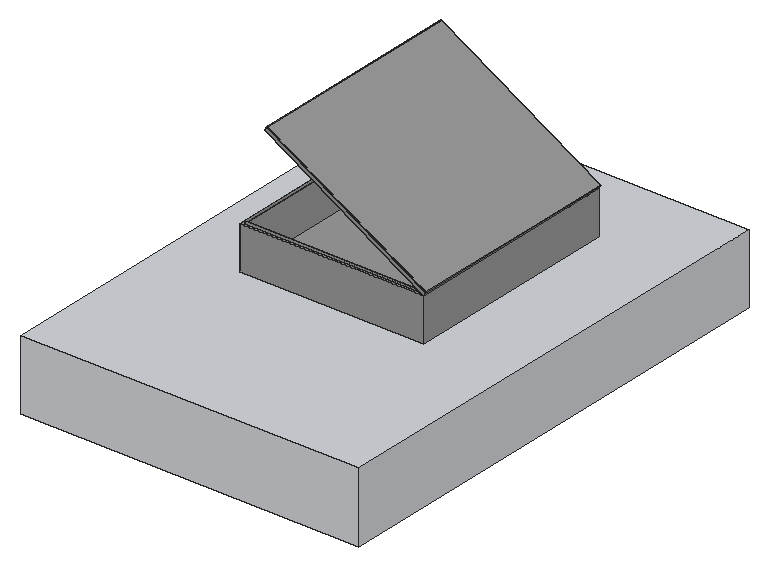
Revit family "Hager-Univers-IP44-D205-H950-Cl.I-Encl-CH-it", category Equipement électrique, Revit 2020
Family settings
  Hôte = Face
  Configuration du panneau = Deux colonnes, circuits au sein
  Cote de connecteur circulaire = Utiliser le diamètre
  Type d'élément = Tableau de raccordement
  Couper avec des vides une fois chargée = Non
  Partagée = Non
  Point de calcul de pièce = Non
Parameters (values of type "A parete IP44 L800 A950 P205  - FP63TN2")
  Width Control [instance] = if([EF000008 - Larghezza] > Min Width, [EF000008 - Larghezza], Min Width)  # 800 mm
  Commentaires du type = [HG000003 - Gamma]  # "Univers"
  Thickness Door [instance] = if([EF009171 - spessore materiale porta/coperchio] > 3 mm, 3 mm, [EF009171 - spessore materiale porta/coperchio])  # 1 mm
  Seal Frame Offset [instance] = 17 mm  # constant formula
  Plinth Visibility [instance] = [HG000027 - Altezza dello zoccolo] > 0 mm  # no
  Model = ""
  Min Width [instance] = 100 mm  # constant formula
  Min Height [instance] = 100 mm  # constant formula
  Min Depth [instance] = (2 * [EF009170 - spessore materiale scatola]) + 1 mm  # 3 mm
  Internal Frame Depth [instance] = (Door System Depth * 0.5)  # 9 mm
  Height Control [instance] = if([EF000040 - Altezza] > Min Height, [EF000040 - Altezza], Min Height)  # 950 mm
  HG000027 - Altezza dello zoccolo = 0 mm
  HG000026 - A pavimento = no
  HG000024 - Altezza della sezione inferiore = 800 mm
  HG000023 - Custodia a doppia sezione = no
  HG000016 - Visibilità delle porte nella vista 3D [instance] = yes
  HG000015 - Visibilità attraverso la porta [instance] = no
  HG000014 - Porta destra [instance] = yes
  HG000013 - Porta sinistra [instance] = not([HG000014 - Porta destra])  # no
  HG000012 - Angolo di apertura della porta [instance] = 30.00°
  HG000010 - Porte asimmetriche = no
  HG000009 - Porta doppia a battente = no
  HG000006 - Ad incasso = no
  HG000004 - Codice produttore = "FP63TN2"
  HG000003 - Gamma = "Univers"
  HG000002 - Con porta = yes
  Frame Offset Bottom [instance] = 10 mm  # constant formula
  Frame Offset [instance] = 15 mm  # constant formula
  EF015940 - Coprire con rilascio di sovrapressione = no
  EF011959 - tipo di protezione (NEMA) = ""
  EF009554 - numero delle aperture per la piastra della flangia = 6
  Fabricant = "Hager"  # constant formula
  EF009212 - esecuzione coperchio = "EV000116 - chiuso"
  EF009171 - spessore materiale porta/coperchio = 1 mm
  EF009170 - spessore materiale scatola = 1 mm
  EF008873 - corrente nominale (In) = 250 A
  EF007800 - adatto per parafulmine = no
  EF006306 - con serratura = no
  EF006244 - coperchio/porta trasparente = no
  EF005474 - grado di protezione (IP) = "EV006418 - IP44"
  EF004464 - tipo di porta = "EV002646 - singolo"
  EF004427 - numero di moduli = 216
  EF004293 - resistenza agli urti = "EV006815 - IK09"
  EF003532 - adatto per uso esterno = no
  EF002950 - Numero moduli DIN = 36
  EF001613 - Integrità del circuito = "EV000494 - senza"
  EF001596 - Attacco Lampada = "EV000179 - acciaio"
  EF001131 - profondità interna = 130 mm
  EF001088 - possibilità di applicazione = yes
  EF000437 - numero di ingressi per conduttori = 6
  EF000339 - tipo di copertura = "EV001012 - coperchio"
  EF000266 - numero di file = 6
  EF000218 - profondità di incasso = 205 mm
  EF000118 - con piastra di montaggio = no
  EF000116 - numero RAL = "9010"
  EF000049 - profondità = 205 mm
  EF000040 - Altezza = 950 mm
  EF000008 - Larghezza = 800 mm
  EF000007 - colore = "EV000202 - bianco"
  EF000003 - Tipo di montaggio = "EV000384 - A parete"
  Door System Leaf Tolerance [instance] = 1.5 mm  # constant formula
  Door System Depth [instance] = 18 mm  # constant formula
  Door Height [instance] = Height Control - [HG000027 - Altezza dello zoccolo]  # 950 mm
  Depth Control [instance] = if([EF000049 - profondità] > Min Depth, [EF000049 - profondità], Min Depth)  # 205 mm
  Default Elevation = 0 mm
  Connector Offset [instance] = Height Control / 2  # 475 mm
  Bottom Top Plate Trim [instance] = 1.5 mm  # constant formula
  Plinth height Ctrl [instance] = if([HG000027 - Altezza dello zoccolo] > 0 mm, [HG000027 - Altezza dello zoccolo], 12 mm)  # 12 mm
Types (10, lengths in mm): name | Width Control | HG000010 - Porte asimmetriche | HG000009 - Porta doppia a battente | HG000004 - Codice produttore | EF009554 - numero delle aperture per la piastra della flangia | EF004464 - tipo di porta | EF004427 - numero di moduli | EF002950 - Numero moduli DIN | EF000437 - numero di ingressi per conduttori | EF000218 - profondità di incasso | EF000008 - Larghezza
  A parete IP44 L1050 A950 P205  - FP64QT | 1050 | no | no | "FP64QT" | 8 | "EV003602 - doppio" | 288 | 48 | 8 | 0 | 1050
  A parete IP44 L1050 A950 P205  - FP64TN2 | 1050 | no | yes | "FP64TN2" | 8 | "EV003602 - doppio" | 288 | 48 | 8 | 205 | 1050
  A parete IP44 L1300 A950 P205  - FP65QT | 1300 | no | no | "FP65QT" | 10 | "EV003602 - doppio" | 360 | 60 | 10 | 0 | 1300
  A parete IP44 L1300 A950 P205  - FP65TN2 | 1300 | yes | yes | "FP65TN2" | 10 | "EV003602 - doppio" | 360 | 60 | 10 | 205 | 1300
  A parete IP44 L300 A950 P205  - FP61QT | 300 | no | no | "FP61QT" | 2 | "EV002646 - singolo" | 72 | 12 | 2 | 0 | 300
  A parete IP44 L300 A950 P205  - FP61TN2 | 300 | no | no | "FP61TN2" | 2 | "EV002646 - singolo" | 72 | 12 | 2 | 205 | 300
  A parete IP44 L550 A950 P205  - FP62QT | 550 | no | no | "FP62QT" | 4 | "EV002646 - singolo" | 144 | 24 | 4 | 0 | 550
  A parete IP44 L550 A950 P205  - FP62TN2 | 550 | no | no | "FP62TN2" | 4 | "EV002646 - singolo" | 144 | 24 | 4 | 205 | 550
  A parete IP44 L800 A950 P205  - FP63QT | 800 | no | no | "FP63QT" | 6 | "EV002646 - singolo" | 216 | 36 | 6 | 0 | 800
  A parete IP44 L800 A950 P205  - FP63TN2 | 800 | no | no | "FP63TN2" | 6 | "EV002646 - singolo" | 216 | 36 | 6 | 205 | 800
Reference planes
  plane 1 "Center (Front/Back)": y = 0
  plane 2: z = 0
  plane 3 "Center (Left/Right)": x = 0
  plane 4: z = 205
  plane 5: y = 1
  plane 6: y = 475
  plane 7: y = 0
  plane 8: y = 950
  plane 9: z = 0
  plane 10: x = -385
  plane 11: x = 385
  plane 12: x = 384
  plane 13: x = -384
  plane 14: y = 949
  plane 15: x = -383
  plane 16: x = -400
  plane 17: x = 383
  plane 18: x = 400
  plane 19: x = 399
  plane 20: x = -399
  plane 21: y = 11
  plane 22: y = 950
  plane 23: y = 934
  plane 24: z = 187
  plane 25: z = 1
  plane 26: z = 186
  plane 27: z = 204
Forms (mm)
  Extrusion 1, solid
    sketch origin (0, 0, 0) x (1, 0, 0) y (0, 1, 0)
      loop
        line (-702.964, 1305) -> (-702.964, -811.445) -> (766.763, -811.445) -> (766.763, 1305) -> (-702.964, 1305)
    from 0 to -304.8
  Extrusion 2, solid, material "Hager_Steel_RAL7035_Light_Grey", visible <- "Plinth Visibility", detail levels medium+fine
    sketch origin (0, 0, 0) x (1, 0, 0) y (0, 1, 0)
      loop
        line (-400, 0) -> (400, 0) -> (400, 12) -> (-400, 12) -> (-400, 0)
    from 0 to 187
  Extrusion 3, solid, material "Hager_Steel_RAL7035_Light_Grey", detail levels medium+fine
    sketch origin (0, 0, 0) x (1, 0, 0) y (0, 1, 0)
      loop
        line (-400, 0) -> (400, 0) -> (400, 950) -> (-400, 950) -> (-400, 0)
    from 0 to 187
  Extrusion 4, void
    sketch origin (0, 0, 0) x (1, 0, 0) y (0, 1, 0)
      loop
        line (-399, 1) -> (399, 1) -> (399, 949) -> (-399, 949) -> (-399, 1)
    from 1 to 186
  Extrusion 5, void
    sketch origin (-381.607, -4572, 187) x (0, -1, 0) y (-1, 0, 0)
      loop
        line (-4583, 2.393) -> (-5506, 2.393) -> (-5506, -765.607) -> (-4583, -765.607) -> (-4583, 2.393)
    from 0 to 1 <- "EF009170 - spessore materiale scatola"
  Extrusion 6, solid, material "Hager_Steel_RAL7035_Light_Grey", detail levels fine
    sketch origin (0, 0, 187) x (1, 0, 0) y (0, 1, 0)
      loop
        line (-384, 934) -> (-384, 11) -> (384, 11) -> (384, 934) -> (-384, 934)
      loop
        line (-385, 10) -> (385, 10) -> (385, 935) -> (-385, 935) -> (-385, 10)
    from 0 to 9 <- "Internal Frame Depth"
  Extrusion 7, solid, material "Hager_Steel_RAL7035_Light_Grey", detail levels coarse
    sketch origin (0, 0, 0) x (1, 0, 0) y (0, 1, 0)
      loop
        line (-400, 0) -> (400, 0) -> (400, 950) -> (-400, 950) -> (-400, 0)
    from 0 to 205
  Sweep 8, void
    path in 3D
      loop
        line (-400, 12, 0) -> (400, 12, 0) -> (400, 12, 187) -> (-400, 12, 187) -> (-400, 12, 0)
    profile origin (-400, 12, 93.5) x (-1, 0, 0) y (0, -1, 0)
      loop
        line (0, 0) -> (0, 1.5) -> (-1.5, 1.5)
        arc (-1.5, 1.5) -> (-1.061, 0.439) -> (0, 0) r 1.5
Cuts and joins
  Extrusion 4, Extrusion 5 cuts Extrusion 3
  Sweep 8 cuts Extrusion 2
Lines and regions (mm)
  Masking region 1
    outline origin (0, 0, 0) x (1, 0, 0) y (0, 0, 1)
      loop
        line (-400, 205) -> (-400, 0) -> (400, 0) -> (400, 205) -> (-400, 205)
  Masking region 2, detail levels medium+fine
    outline origin (0, 140, 0) x (0, 1, 0) y (0, 0, 1)
      loop
        line (-140, 0) -> (810, 0) -> (810, 187) -> (-140, 187) -> (-140, 0)
  Masking region 3, not visible, detail levels medium+fine
    outline origin (0, 297.922, 0) x (0, 1, 0) y (0, 0, 1)
      loop
        line (188.578, 0) -> (228.578, 0) -> (228.578, 194)
        arc (228.578, 194) -> (225.649, 201.071) -> (218.578, 204) r 10
        line (218.578, 204) -> (188.578, 204) -> (188.578, 0)
  Masking region 4, detail levels coarse
    outline origin (0, 0, 180) x (0, 1, 0) y (0, 0, 1)
      loop
        line (0, -180) -> (950, -180) -> (950, 25) -> (0, 25) -> (0, -180)
  Masking region 5, visible <- "Plinth Visibility", detail levels medium+fine
    outline origin (0, 52.24, 12.345) x (0, 0, -1) y (0, 1, 0)
      loop
        line (10.845, -40.24) -> (-173.155, -40.24)
        arc (-173.155, -40.24) -> (-173.594, -41.301) -> (-174.655, -41.74) r 1.5
        line (-174.655, -41.74) -> (-174.655, -52.24) -> (12.345, -52.24) -> (12.345, -41.74)
        arc (12.345, -41.74) -> (11.285, -41.301) -> (10.845, -40.24) r 1.5
  Masking region 6, detail levels medium+fine
    outline origin (-381.607, -4572, 187) x (-1, 0, 0) y (0, -1, 0)
      loop
        line (18.393, -5522) -> (18.393, -4572) -> (-781.607, -4572) -> (-781.607, -5522) -> (18.393, -5522)
  Masking region 7, visible <- "Plinth Visibility", detail levels medium+fine
    outline origin (-381.607, -4727, 187) x (-1, 0, 0) y (0, -1, 0)
      loop
        arc (16.893, -4739) -> (17.332, -4737.939) -> (18.393, -4737.5) r 1.5
        line (18.393, -4737.5) -> (18.393, -4727) -> (-781.607, -4727) -> (-781.607, -4737.5)
        arc (-781.607, -4737.5) -> (-780.546, -4737.939) -> (-780.107, -4739) r 1.5
        line (-780.107, -4739) -> (16.893, -4739)
  Masking region 8, detail levels coarse
    outline origin (-442.548, -4669.526, 187) x (-1, 0, 0) y (0, -1, 0)
      loop
        line (-42.548, -5619.526) -> (-42.548, -4669.526) -> (-842.548, -4669.526) -> (-842.548, -5619.526) -> (-42.548, -5619.526)
  sketch lines
    curve 1: line (-400, 12, 187) -> (-400, 12, 0)
    curve 2: line (400, 12, 187) -> (-400, 12, 187)
    curve 3: line (400, 12, 187) -> (400, 12, 0)
    curve 4: line (-400, 12, 0) -> (400, 12, 0)
Dimensions and locks
  "Depth Control": plane 4 to Extrusion 1
  "HG000027 - Altezza dello zoccolo": plane 1 "Center (Front/Back)" to plane 7
  "EF009170 - spessore materiale scatola": plane 5 to plane 7
  locked: connector elem to plane 3 "Center (Left/Right)"
  equal spacing: plane 8, plane 6, plane 7
  locked: connector elem to plane 6
  "EF009170 - spessore materiale scatola": plane 8 to plane 14
  "EF009170 - spessore materiale scatola": plane 10 to plane 13
  "EF009170 - spessore materiale scatola": plane 12 to plane 11
  "Frame Offset": plane 20 to plane 13
  "Frame Offset": plane 12 to plane 19
  "EF009170 - spessore materiale scatola": plane 16 to plane 20
  "EF009170 - spessore materiale scatola": plane 19 to plane 18
  "Seal Frame Offset": plane 16 to plane 15
  "Seal Frame Offset": plane 17 to plane 18
  "Frame Offset Bottom": plane 21 to plane 5
  "Frame Offset": plane 14 to plane 23
  equal spacing: plane 16, plane 3 "Center (Left/Right)", plane 18
  "Width Control": plane 16 to plane 18
  "EF009170 - spessore materiale scatola": plane 4 to plane 27
  "EF009170 - spessore materiale scatola": plane 24 to plane 26
  "EF009170 - spessore materiale scatola": plane 25 to level
  "Door System Depth": plane 4 to plane 24
  "Height Control": plane 1 "Center (Front/Back)" to Extrusion 7 sketch curve
  "Height Control": Masking region 4 sketch curve to plane 1 "Center (Front/Back)"
  "Height Control": plane 1 "Center (Front/Back)" to plane 22
  "Bottom Top Plate Trim": profile plane to Sweep 8 sketch curve
  "Bottom Top Plate Trim": Sweep 8 sketch curve to profile plane
  "Plinth height Ctrl": plane 1 "Center (Front/Back)" to Extrusion 2 sketch curve
  "Plinth height Ctrl": Masking region 5 sketch curve to plane 1 "Center (Front/Back)"
  "Plinth height Ctrl": plane 1 "Center (Front/Back)" to Masking region 7 sketch curve
  "Thickness Door": Extrusion 6 sketch curve to Extrusion 6 sketch curve  (x3)
  "Thickness Door": cut or joined group of Extrusion 3, Extrusion 4, Extrusion 5 to Extrusion 6 sketch curve
  radius of Masking region 3 sketch curve = 10 mm
  "Bottom Top Plate Trim": radius of Masking region 5 sketch curve  (x2)
  "Bottom Top Plate Trim": radius of Sweep 8 sketch curve
  "Bottom Top Plate Trim": radius of Masking region 7 sketch curve  (x2)
  aligned and locked: plane 2 to Extrusion 1
  aligned and locked: level to Extrusion 1
  aligned and locked: level to Masking region 1 sketch curve
  aligned and locked: Masking region 1 sketch curve to plane 18
  aligned and locked: Masking region 1 sketch curve to plane 16
  aligned and locked: plane 7 to Masking region 2 sketch curve
  aligned and locked: level to Masking region 3 sketch curve
  aligned and locked: Masking region 3 sketch curve to plane 27
  aligned and locked: level to Masking region 2 sketch curve
  aligned and locked: plane 1 "Center (Front/Back)" to Extrusion 2 sketch curve
  aligned and locked: Extrusion 3 sketch curve to plane 7
  aligned and locked: plane 16 to Extrusion 3 sketch curve
  aligned and locked: plane 18 to Extrusion 3 sketch curve
  aligned and locked: plane 20 to Extrusion 4 sketch curve
  aligned and locked: plane 19 to Extrusion 4 sketch curve
  aligned and locked: Extrusion 4 sketch curve to plane 5
  aligned and locked: Extrusion 4 to plane 25
  aligned and locked: plane 26 to Extrusion 4
  aligned and locked: plane 24 to Extrusion 3
  aligned and locked: Extrusion 5 sketch curve to plane 21
  aligned and locked: Extrusion 5 sketch curve to plane 13
  aligned and locked: Extrusion 5 sketch curve to plane 12
  aligned and locked: plane 18 to Extrusion 7 sketch curve
  aligned and locked: plane 1 "Center (Front/Back)" to Extrusion 7 sketch curve
  aligned and locked: plane 16 to Extrusion 7 sketch curve
  aligned and locked: plane 4 to Extrusion 7
  aligned and locked: Extrusion 7 to level
  aligned and locked: level to Masking region 4 sketch curve
  aligned and locked: Masking region 4 sketch curve to plane 1 "Center (Front/Back)"
  aligned and locked: Masking region 4 sketch curve to plane 4
  aligned and locked: nested 1 to level
  aligned and locked: nested 1 to plane 16
  aligned and locked: plane 8 to Extrusion 3 sketch curve
  aligned and locked: plane 23 to Extrusion 5 sketch curve
  aligned and locked: plane 14 to Extrusion 4 sketch curve
  aligned and locked: Masking region 2 sketch curve to plane 8
  aligned and locked: level to Masking region 5 sketch curve
  aligned and locked: plane 16 to Extrusion 2 sketch curve
  aligned and locked: plane 18 to Extrusion 2 sketch curve
  aligned and locked: Masking region 5 sketch curve to plane 24
  aligned and locked: Masking region 2 sketch curve to plane 24
  aligned and locked: plane 24 to Extrusion 2
  aligned and locked: profile plane to Sweep 8 sketch curve  (x2)
  aligned and locked: Masking region 6 sketch curve to plane 18
  aligned and locked: Masking region 6 sketch curve to plane 22
  aligned and locked: Masking region 6 sketch curve to plane 16
  aligned and locked: plane 8 to plane 22
  aligned and locked: Masking region 6 sketch curve to plane 7
  aligned and locked: Masking region 7 sketch curve to plane 16
  aligned and locked: Masking region 7 sketch curve to plane 1 "Center (Front/Back)"
  aligned and locked: Masking region 7 sketch curve to plane 18
  aligned and locked: Masking region 8 sketch curve to plane 1 "Center (Front/Back)"
  aligned and locked: Masking region 8 sketch curve to plane 18
  aligned and locked: Masking region 8 sketch curve to plane 22
  aligned and locked: Masking region 8 sketch curve to plane 16
  aligned and locked: nested 2 to plane 7
  aligned and locked: plane 3 "Center (Left/Right)" to nested 2
  aligned and locked: nested 2 to plane 24
  aligned and locked: Extrusion 6 sketch curve to cut or joined group of Extrusion 3, Extrusion 4, Extrusion 5  (x4)
Automatic sketch dimensions
  Extrusion 1 sketch curve to Extrusion 1 sketch curve = 1469.727 mm
  Extrusion 1 sketch curve to Extrusion 1 sketch curve = 2116.445 mm
  Masking region 1 sketch curve to plane 4 = 0 mm
  plane 6 to Masking region 3 sketch curve = 11.5 mm
  Masking region 3 sketch curve to Masking region 3 sketch curve = 30 mm
  Masking region 5 sketch curve to plane 1 "Center (Front/Back)" = 0 mm
Nested families
  nested 1: "Hager_Enclosure_Symbol" at (-400, 0, 0) x (1, 0, 0) z (0, -1, 0), Height <- "Depth Control", Width <- "Width Control", type "Hager_Enclosure_Symbol"
    with Width_Ctrl 800 mm, Width 800 mm, Height_Ctrl 205 mm, Height 205 mm, A_Width_Int 13.453 mm, A_Width 161.438 mm, A_Height_Ctrl 179.375 mm, A_Height 179.375 mm
  nested 2: "EC000058_Univers_Door" at (0, 0, 187) x (1, 0, 0) z (0, 1, 0), Leaf_Tolerance <- "Door System Leaf Tolerance", Angle <- "HG000012 - Angolo di apertura della porta", Door_Depth <- "Door System Depth", Door_Left <- "HG000013 - Porta sinistra", Transparent <- "EF006244 - coperchio/porta trasparente", Assymetrical <- "HG000010 - Porte asimmetriche", Width <- "Width Control", Clearance <- "HG000015 - Visibilità attraverso la porta", Double <- "HG000009 - Porta doppia a battente", 3d_Door <- "HG000016 - Visibilità delle porte nella vista 3D", Lock_Visibility <- "EF006306 - con serratura", Width_Ctrl <- "Width Control", Door_Right <- "HG000014 - Porta destra", Door <- "HG000002 - Con porta", Height <- "Door Height", Thickness <- "Thickness Door", type "EC000058_Univers_Door", detail levels medium+fine
    with min_wh 3 mm, Width_Ctrl 800 mm, Width 800 mm, Transparent no, Thickness 1 mm, Seal_Material Hager_Rubber, Lock_Visibility no, Lock_Material Hager_Plastic_RAL9005_Jet_Black, Leaf_Width 800 mm, Leaf_Tolerance_External_Sides 0 mm, Leaf_Tolerance 1.5 mm, Leaf_Offset 0 mm, Leaf_Height 947 mm, Leaf_2_Width 800 mm, Leaf_2_Offset 400 mm, Leaf_1_Width 800 mm, Leaf_1_Offset 400 mm, Height_Ctrl 950 mm, Height 950 mm, Glass_Material Hager_Glass, Double_Clearance_Ctrl no, Double no, Door_Right_Ctrl yes, Door_Right yes, Door_Material Hager_Steel_RAL7035_Light_Grey, Door_Left_Ctrl no, Door_Left no, Door_Depth 18 mm, Door yes, Clearance_Material Hager_Clearance, Clearance_Depth 800 mm, Clearance_Ctrl no, Clearance no, Assymetrical no, Angle 30.00°, 3d_Door yes
Connectors
  electrical at (0, 475, 0)
    settings: on plane 9, index 1, voltage 0 V, apparent load 0 VA, apparent load phase1 0 VA, apparent load phase2 0 VA, apparent load phase3 0 VA, power factor 1, load classification "Other", number of poles 1, system type 30, power factor state 1, is connector primary yes, connector utility no, sub classification motor no, connector description ""
Definition of nested family "EC000058_Univers_Door"
  Parameters (values of type "EC000058_Univers_Door")
    min_wh [instance] = (2 * Thickness) + 1 mm  # 11 mm
    Width_Ctrl [instance] = 400 mm
    Width [instance] = 500 mm
    Transparent [instance] = yes
    Thickness [instance] = 5 mm
    Seal_Material [instance] = none
    Lock_Visibility [instance] = yes
    Lock_Material [instance] = none
    Leaf_Width [instance] = if((Width_Ctrl - 2 * Leaf_Tolerance_External_Sides) > 0 mm, (Width_Ctrl - 2 * Leaf_Tolerance_External_Sides), min_wh)  # 400 mm
    Leaf_Tolerance_External_Sides [instance] = 0 mm  # constant formula
    Leaf_Tolerance [instance] = 1.5 mm
    Leaf_Offset [instance] = 0 mm  # constant formula
    Leaf_Height [instance] = if((Height_Ctrl - 2 * Leaf_Tolerance) > 0 mm, (Height_Ctrl - 2 * Leaf_Tolerance), min_wh)  # 497 mm
    Leaf_2_Width [instance] = if(and(and(Double, Assymetrical), Door_Left), (Leaf_Width / 3) - (Leaf_Tolerance / 2), if(and(and(Double, Assymetrical), Door_Right), (Leaf_Width / 3) * 2 - (Leaf_Tolerance / 2), if(and(Double, not(Assymetrical)), (Leaf_Width / 2) - Leaf_Tolerance, Leaf_Width)))  # 400 mm
    Leaf_2_Offset [instance] = if(and(Double, Assymetrical), Leaf_2_Width / 2, if(and(Double, not(Assymetrical)), Leaf_Width / 4, Leaf_Width / 2))  # 200 mm
    Leaf_1_Width [instance] = if(and(and(Double, Assymetrical), Door_Right), (Leaf_Width / 3) - (Leaf_Tolerance / 2), if(and(and(Double, Assymetrical), Door_Left), (Width / 3) * 2 - (Leaf_Tolerance / 2), if(and(Double, not(Assymetrical)), (Leaf_Width / 2) - Leaf_Tolerance, Leaf_Width)))  # 400 mm
    Leaf_1_Offset [instance] = if(and(Double, Assymetrical), Leaf_1_Width / 2, if(and(Double, not(Assymetrical)), Leaf_Width / 4, Leaf_Width / 2))  # 200 mm
    Height_Ctrl [instance] = if(Height > min_wh, Height, min_wh)  # 500 mm
    Height [instance] = 500 mm
    Glass_Material [instance] = none
    Double_Clearance_Ctrl [instance] = and(Double, Clearance)  # no
    Double [instance] = no
    Door_Right_Ctrl [instance] = and(or(Door_Right, Double), Door)  # yes
    Door_Right [instance] = yes
    Door_Material [instance] = none
    Door_Left_Ctrl [instance] = and(or(Door_Left, Double), Door)  # no
    Door_Left [instance] = no
    Door_Depth [instance] = 30 mm
    Door [instance] = yes
    Default Elevation = 1219.2 mm
    Clearance_Material [instance] = none
    Clearance_Depth [instance] = if(Leaf_1_Width > Leaf_2_Width, Leaf_1_Width, Leaf_2_Width)  # 400 mm
    Clearance_Ctrl [instance] = and(not(Double), Clearance)  # yes
    Clearance [instance] = yes
    Assymetrical [instance] = yes
    Angle [instance] = 30.00°
    3d_Door [instance] = yes
  Reference planes
    plane 1 "Center (Front/Back)": y = 0
    plane 2 "Bottom": z = 0
    plane 3 "Center (Left/Right)": x = 0
    plane 4: z = 500
    plane 5: x = -200
    plane 6: x = 200
    plane 7: z = 500
    plane 8: x = -200
    plane 9: z = 0
    plane 10: x = 200
    plane 11: y = 0
    plane 12: z = 1.5
    plane 13: x = -600
    plane 14: y = -400
    plane 15: x = 600
    plane 16: x = 0
    plane 17: x = 0
    plane 18: x = -200
    plane 19: x = 200
    plane 20: z = 498.5
  Forms (mm)
    Extrusion 1, solid, material <- "Clearance_Material", visible <- "Double_Clearance_Ctrl"
      sketch origin (1200, 0, 0) x (1, 0, 0) y (0, 0, -1)
        loop
          line (-1800, -498.5) -> (-600, -498.5) -> (-600, 0) -> (-1800, 0) -> (-1800, -498.5)
      from 0 to -400
  Dimensions and locks
    equal spacing: plane 5, plane 3 "Center (Left/Right)", plane 6
    "Width_Ctrl": plane 5 to plane 6
    "Leaf_Offset": plane 5 to plane 8
    "Leaf_Offset": plane 6 to plane 10
    "Leaf_Offset": plane 9 to level
    "Leaf_Offset": plane 4 to plane 7
    "Height_Ctrl": plane 4 to level
    "Leaf_Tolerance": plane 12 to plane 9
    locked: plane 11 to plane 1 "Center (Front/Back)"
    "Leaf_1_Offset": plane 18 to plane 16
    "Leaf_2_Offset": plane 17 to plane 19
    "Leaf_1_Width": plane 13 to plane 8
    "Leaf_2_Width": plane 10 to plane 15
    "Clearance_Depth": plane 14 to plane 1 "Center (Front/Back)"
    "Leaf_Tolerance_External_Sides": plane 8 to plane 18
    "Leaf_Tolerance_External_Sides": plane 19 to plane 10
    "Leaf_Tolerance": plane 7 to plane 20
    aligned and locked: level to plane 2 "Bottom"
    aligned and locked: nested 1 to plane 16
    aligned and locked: nested 2 to plane 17
    aligned and locked: Extrusion 1 to plane 13
    aligned and locked: plane 15 to Extrusion 1
    aligned and locked: Extrusion 1 to plane 14
    aligned and locked: plane 12 to nested 1
    aligned and locked: nested 2 to plane 12
    aligned and locked: Extrusion 1 to plane 11
    aligned and locked: plane 20 to Extrusion 1
    aligned and locked: nested 2 to plane 11
    aligned and locked: nested 1 to plane 11
  Automatic sketch dimensions
    Extrusion 1 sketch curve to level = 0 mm
    plane 5 to Extrusion 1 sketch curve = 400 mm
    plane 6 to Extrusion 1 sketch curve = 400 mm
    Extrusion 1 sketch curve to plane 4 = 1.5 mm
  Nested families
    nested 1: "EC000058_Univers_Door_Leaf" at (0, 0, 1.5), Width <- "Leaf_1_Width", visible <- "Door_Left_Ctrl", Leaf_Height <- "Leaf_Height", Angle <- "Angle", 3d_Door <- "3d_Door", Transparent <- "Transparent", Clearance Material <- "Clearance_Material", Clearance <- "Clearance_Ctrl", Door_Material <- "Door_Material", Glass_Material <- "Glass_Material", Door_Depth <- "Door_Depth", Lock_Material <- "Lock_Material", Seal_Material <- "Seal_Material", Lock_Visibility <- "Lock_Visibility", Thickness <- "Thickness", type "EC000058_Univers_Door_Leaf"
      with Width 400 mm, Transparent_Glass_Offset 30 mm, Transparent_Ctrl yes, Transparent yes, Thickness 5 mm, Standard no, Seal_Material none, Seal_D2 8 mm, Seal_D1 1 mm, Offset_Internal_Frame 10 mm, Lock_Width 20 mm, Lock_Visibility_3d yes, Lock_Visibility yes, Lock_Thickness_3 3 mm, Lock_Thickness_2 1 mm, Lock_Thickness_1 3 mm, Lock_Radius_Offset_2 16 mm, Lock_Radius_Offset_1 15 mm, Lock_Radius_2 5 mm, Lock_Radius 6 mm, Lock_Offset 5 mm, Lock_Material none, Lock_Height 80 mm, Lock_Cover_Top_Offset_2d 17 mm, Lock_Cover_Height -65 mm, Leaf_Height 497 mm, Internal_Seal_Thickness 8 mm, Internal_Seal_Depth_2 4.5 mm, Internal_Frame_Depth 25 mm, Glass_Thickness -1 mm, Glass_Offset -2 mm, Glass_Material none, Door_Material none, Door_Depth 30 mm, Clearance Material none, Clearance yes, Angle_Ctrl 30.00°, Angle 30.00°, 3d_Door yes
    nested 2: "EC000058_Univers_Door_Leaf" at (0, 0, 1.5) x (-1, 0, 0) z (0, 0, 1), Width <- "Leaf_2_Width", visible <- "Door_Right_Ctrl", Leaf_Height <- "Leaf_Height", Angle <- "Angle", 3d_Door <- "3d_Door", Transparent <- "Transparent", Clearance Material <- "Clearance_Material", Clearance <- "Clearance_Ctrl", Door_Material <- "Door_Material", Glass_Material <- "Glass_Material", Door_Depth <- "Door_Depth", Lock_Material <- "Lock_Material", Seal_Material <- "Seal_Material", Lock_Visibility <- "Lock_Visibility", Thickness <- "Thickness", type "EC000058_Univers_Door_Leaf"
      with Width 400 mm, Transparent_Glass_Offset 30 mm, Transparent_Ctrl yes, Transparent yes, Thickness 5 mm, Standard no, Seal_Material none, Seal_D2 8 mm, Seal_D1 1 mm, Offset_Internal_Frame 10 mm, Lock_Width 20 mm, Lock_Visibility_3d yes, Lock_Visibility yes, Lock_Thickness_3 3 mm, Lock_Thickness_2 1 mm, Lock_Thickness_1 3 mm, Lock_Radius_Offset_2 16 mm, Lock_Radius_Offset_1 15 mm, Lock_Radius_2 5 mm, Lock_Radius 6 mm, Lock_Offset 5 mm, Lock_Material none, Lock_Height 80 mm, Lock_Cover_Top_Offset_2d 17 mm, Lock_Cover_Height -65 mm, Leaf_Height 497 mm, Internal_Seal_Thickness 8 mm, Internal_Seal_Depth_2 4.5 mm, Internal_Frame_Depth 25 mm, Glass_Thickness -1 mm, Glass_Offset -2 mm, Glass_Material none, Door_Material none, Door_Depth 30 mm, Clearance Material none, Clearance yes, Angle_Ctrl 30.00°, Angle 30.00°, 3d_Door yes
  Definition of nested family "EC000058_Univers_Door_Leaf"
    Parameters (values of type "EC000058_Univers_Door_Leaf")
      Width [instance] = 2000 mm
      Transparent_Glass_Offset [instance] = 30 mm
      Transparent_Ctrl [instance] = and(Transparent, [3d_Door])  # yes
      Transparent [instance] = yes
      Thickness [instance] = 5 mm
      Standard [instance] = and(not(Transparent), [3d_Door])  # no
      Seal_Material [instance] = none
      Seal_D2 [instance] = 8 mm  # constant formula
      Seal_D1 [instance] = 1 mm  # constant formula
      Offset_Internal_Frame [instance] = 10 mm  # constant formula
      Lock_Width [instance] = 20 mm  # constant formula
      Lock_Visibility_3d [instance] = and(Lock_Visibility, [3d_Door])  # yes
      Lock_Visibility [instance] = yes
      Lock_Thickness_3 [instance] = 3 mm  # constant formula
      Lock_Thickness_2 [instance] = 1 mm  # constant formula
      Lock_Thickness_1 [instance] = 3 mm  # constant formula
      Lock_Radius_Offset_2 [instance] = Lock_Radius_Offset_1 + 1 mm  # 16 mm
      Lock_Radius_Offset_1 [instance] = 15 mm  # constant formula
      Lock_Radius_2 [instance] = Lock_Radius - 1 mm  # 5 mm
      Lock_Radius [instance] = 6 mm  # constant formula
      Lock_Offset [instance] = 5 mm  # constant formula
      Lock_Material [instance] = none
      Lock_Height [instance] = 80 mm  # constant formula
      Lock_Cover_Top_Offset_2d [instance] = Lock_Radius_Offset_2 + 1 mm  # 17 mm
      Lock_Cover_Height [instance] = -(Lock_Height - Lock_Radius_Offset_1)  # -65 mm
      Leaf_Height [instance] = 2720.336 mm
      Internal_Seal_Thickness [instance] = 8 mm  # constant formula
      Internal_Seal_Depth_2 [instance] = 4.5 mm  # constant formula
      Internal_Frame_Depth [instance] = if(Door_Depth - Thickness > 5 mm, Door_Depth - Thickness, 5 mm)  # 25 mm
      Glass_Thickness [instance] = if(Thickness > 15 mm, Glass_Offset + 10 mm, -1 mm)  # -1 mm
      Glass_Offset [instance] = if(Thickness > 15 mm, -(Thickness + 10 mm) / 2, -2 mm)  # -2 mm
      Glass_Material [instance] = none
      Door_Material [instance] = none
      Door_Depth [instance] = 30 mm
      Default Elevation = 0 mm
      Clearance Material [instance] = none
      Clearance [instance] = yes
      Angle_Ctrl [instance] = if(Angle > 180.00°, 180.00°, Angle)  # 90.00°
      Angle [instance] = 90.00°
      3d_Door [instance] = yes
    Reference planes
      plane 1 "Center (Front/Back)": y = 0
      plane 2: z = 0
      plane 3 "Center (Left/Right)": x = 0
      plane 4: y = 2000
      plane 5: x = -1000
      plane 6: x = 1000
      plane 7: x = -3000
      plane 8: z = 2720.336
      plane 9: z = 30
      plane 10: z = 2690.336
      plane 11: x = 970
      plane 12: x = -970
      plane 13: y = -3
      plane 14: z = 107.833
      plane 15: y = -5
      plane 16: y = -223.314
      plane 17: x = -1000
      plane 18: z = 1360.168
      plane 19: y = 30
    Forms (mm)
      Extrusion 1, solid, material <- "Clearance Material", visible <- "Clearance"
        sketch origin (0, 0, 0) x (1, 0, 0) y (0, 0, 1)
          loop
            line (-3000, 2720.336) -> (-3000, 0) -> (1000, 0) -> (1000, 2720.336) -> (-3000, 2720.336)
        from 0 to -2000
      Extrusion 2, solid, material <- "Door_Material", visible <- "Standard", detail levels medium+fine
        sketch origin (-1000, 0, 0) x (0, 1, 0) y (-1, 0, 0)
          loop
            line (0, 30) -> (0, 25) -> (2000, 25) -> (2000, 30) -> (0, 30)
        from 0 to 2720.336 <- "Leaf_Height"
      Extrusion 3, solid, material <- "Door_Material", visible <- "Transparent_Ctrl", detail levels medium+fine
        sketch origin (-1000, 0, 0) x (0, 1, 0) y (-1, 0, 0)
          loop
            line (0, 25) -> (2000, 25) -> (2000, 30) -> (0, 30) -> (0, 25)
        from 0 to 2720.336 <- "Leaf_Height"
      Extrusion 4, void
        sketch origin (-1025, 2000, 0) x (0, 1, 0) y (0, 0, -1)
          loop
            line (-30, -2690.336) -> (-30, -30) -> (-1970, -30) -> (-1970, -2690.336) -> (-30, -2690.336)
        from 0 to 5 <- "Thickness"
      Sweep 5, solid, material <- "Seal_Material", visible <- "Transparent_Ctrl", detail levels fine
        path in 3D
          loop
            line (-1025, 30, 30) -> (-1025, 30, 2690.336) -> (-1025, 1970, 2690.336) -> (-1025, 1970, 30) -> (-1025, 30, 30)
        profile origin (-1025, 1000, 30) x (1, 0, 0) y (0, 0, 1)
          loop
            line (0, 0) -> (0, -8) -> (1, -8) -> (1, 0) -> (0, 0)
      Extrusion 6, solid, material <- "Glass_Material", visible <- "Transparent_Ctrl", detail levels medium+fine
        sketch origin (-1030, 0, 0) x (0, 1, 0) y (0, 0, -1)
          loop
            line (1970, -2690.336) -> (1970, -30) -> (30, -30) -> (30, -2690.336) -> (1970, -2690.336)
        from -2 <- "Glass_Offset" to -1 <- "Glass_Thickness"
      Extrusion 7, solid, material <- "Door_Material", visible <- "3d_Door", detail levels medium+fine
        sketch origin (-1025, 2000, 0) x (0, -1, 0) y (0, 0, -1)
          loop
            line (0, -2720.336) -> (2000, -2720.336) -> (2000, 0) -> (0, 0) -> (0, -2720.336)
          loop
            line (1995, -5) -> (5, -5) -> (5, -2715.336) -> (1995, -2715.336) -> (1995, -5)
        from 0 to 25 <- "Internal_Frame_Depth"
      Sweep 8, solid, material <- "Seal_Material", visible <- "Transparent_Ctrl", detail levels fine
        path in 3D
          loop
            line (-1025, 0, 0) -> (-1025, 2000, 0) -> (-1025, 2000, 2720.336) -> (-1025, 0, 2720.336) -> (-1025, 0, 0)
        profile origin (-1025, 0, 1360.168) x (1, 0, 0) y (0, 1, 0)
          loop
            line (0, 10) -> (2.975, 10)
            arc (2.975, 10) -> (4.053, 10.447) -> (4.5, 11.525) r 1.525
            line (4.5, 11.525) -> (4.5, 16.527)
            arc (4.5, 16.527) -> (4.069, 17.569) -> (3.027, 18) r 1.473
            line (3.027, 18) -> (0, 18) -> (0, 10)
      Extrusion 9, solid, material <- "Lock_Material", visible <- "Lock_Visibility_3d", detail levels fine
        sketch origin (-1030, 0, 0) x (0, 1, 0) y (0, 0, -1)
          loop
            arc (1993.5, -1400.168) -> (1994.561, -1399.729) -> (1995, -1398.668) r 1.5
            line (1995, -1398.668) -> (1995, -1320.168) -> (1975, -1320.168) -> (1975, -1398.668)
            arc (1975, -1398.668) -> (1975.439, -1399.729) -> (1976.5, -1400.168) r 1.5
            line (1976.5, -1400.168) -> (1993.5, -1400.168)
        from 3 <- "Lock_Thickness_1" to 0
      Blend 10, solid, material <- "Lock_Material", visible <- "Lock_Visibility_3d", detail levels fine
        base sketch origin (-1033, 0, 0) x (0, 1, 0) y (0, 0, -1)
          loop
            line (1975, -1320.168) -> (1975, -1398.668)
            arc (1975, -1398.668) -> (1975.439, -1399.729) -> (1976.5, -1400.168) r 1.5
            line (1976.5, -1400.168) -> (1993.5, -1400.168)
            arc (1993.5, -1400.168) -> (1994.561, -1399.729) -> (1995, -1398.668) r 1.5
            line (1995, -1398.668) -> (1995, -1320.168) -> (1975, -1320.168)
        top sketch origin (-1033, 0, 0) x (0, 1, 0) y (0, 0, -1)
          loop
            line (1976, -1320.168) -> (1976, -1398.668)
            arc (1976, -1398.668) -> (1976.146, -1399.022) -> (1976.5, -1399.168) r 0.5
            line (1976.5, -1399.168) -> (1993.5, -1399.168)
            arc (1993.5, -1399.168) -> (1993.854, -1399.022) -> (1994, -1398.668) r 0.5
            line (1994, -1398.668) -> (1994, -1320.168) -> (1976, -1320.168)
        from 0 to 1 <- "Lock_Thickness_2"
      Blend 11, solid, material <- "Lock_Material", visible <- "Lock_Visibility_3d", detail levels fine
        base sketch origin (-1034, 0, 0) x (0, 1, 0) y (0, 0, -1)
          loop
            line (1978, -1320.168) -> (1978, -1384.168)
            arc (1978, -1384.168) -> (1985, -1391.168) -> (1992, -1384.168) r 7
            line (1992, -1384.168) -> (1992, -1320.168) -> (1978, -1320.168)
        top sketch origin (-1034, 0, 0) x (0, 1, 0) y (0, 0, -1)
          loop
            line (1991, -1320.168) -> (1979, -1320.168) -> (1979, -1383.168)
            arc (1979, -1383.168) -> (1985, -1389.168) -> (1991, -1383.168) r 6
            line (1991, -1383.168) -> (1991, -1320.168)
        from 0 to 3 <- "Lock_Thickness_3"
      Extrusion 12, solid, material <- "Lock_Material", visible <- "Lock_Visibility_3d", detail levels fine
        sketch origin (-1030, 1975, 1320.168) x (1, 0, 0) y (0, -1, 0)
          loop
            line (-7, -19) -> (-7, -1) -> (0, -1) -> (0, 0) -> (-8, 0) -> (-8, -20) -> (0, -20) -> (0, -19) -> (-7, -19)
        from 0 to -65 <- "Lock_Cover_Height"
      Extrusion 13, void
        sketch origin (-1038, 1995, 1320.168) x (-1, 0, 0) y (0, 0, -1)
          loop
            line (-5, -65) -> (0, -65) -> (-5, -60) -> (-5, -65)
        from 0 to 20 <- "Lock_Width"
      Extrusion 14, void
        sketch origin (-1038, 1975, 1320.168) x (0, -1, 0) y (0, 0, -1)
          loop
            circle (-10, -15.995) r 6
          loop
            circle (-10, -15.995) r 5
        from 0 to 2
      Extrusion 15, solid, material <- "Lock_Material", visible <- "Lock_Visibility_3d", detail levels medium
        sketch origin (-1030, 0, 0) x (0, 1, 0) y (0, 0, -1)
          loop
            arc (1993.5, -1400.168) -> (1994.561, -1399.729) -> (1995, -1398.668) r 1.5
            line (1995, -1398.668) -> (1995, -1320.168) -> (1975, -1320.168) -> (1975, -1398.668)
            arc (1975, -1398.668) -> (1975.439, -1399.729) -> (1976.5, -1400.168) r 1.5
            line (1976.5, -1400.168) -> (1993.5, -1400.168)
        from 8 to 0
    Cuts and joins
      Extrusion 4 cuts Extrusion 3
      Extrusion 13, Extrusion 14 cuts Extrusion 9
      Extrusion 14 cuts Blend 11
      Extrusion 13, Extrusion 14 cuts Extrusion 12
      joined: Extrusion 9, Blend 10, Blend 11, Extrusion 12
      Extrusion 14 cuts Extrusion 15
    Lines and regions (mm)
      Masking region 1, visible <- "Lock_Visibility", detail levels fine
        outline origin (0, 0, 0) x (0, 1, 0) y (0, 0, 1)
          loop
            line (30, 1320.168) -> (33, 1320.168) -> (33, 1400.168) -> (30, 1400.168) -> (30, 1320.168)
      Masking region 2, visible <- "Lock_Visibility", detail levels fine
        outline origin (0, 3.143, 0) x (0, 1, 0) y (0, 0, 1)
          loop
            line (29.857, 1354.168) -> (30.857, 1354.168) -> (30.857, 1366.168) -> (29.857, 1366.168) -> (29.857, 1354.168)
      Masking region 3, detail levels medium+fine
        outline origin (0, 0, 0) x (0, 1, 0) y (0, 0, 1)
          loop
            line (0, 0) -> (30, 0) -> (30, 2720.336) -> (0, 2720.336) -> (0, 0)
      Masking region 4, detail levels medium+fine
        outline origin (0, 0, 0) x (1, 0, 0) y (0, 0, 1)
          loop
            line (-1000, 2720.336) -> (-1000, 0) -> (1000, 0) -> (1000, 2720.336) -> (-1000, 2720.336)
      Masking region 5, visible <- "Lock_Visibility", detail levels fine
        outline origin (-47.116, 0, 0) x (1, 0, 0) y (0, 0, 1)
          loop
            arc (1024.616, 1399.168) -> (1023.556, 1398.729) -> (1023.116, 1397.668) r 1.5
            line (1023.116, 1397.668) -> (1023.116, 1320.168) -> (1041.116, 1320.168) -> (1041.116, 1397.668)
            arc (1041.116, 1397.668) -> (1040.677, 1398.729) -> (1039.616, 1399.168) r 1.5
            line (1039.616, 1399.168) -> (1024.616, 1399.168)
      Masking region 6, visible <- "Lock_Visibility", detail levels medium+fine
        outline origin (-25, 0, 0) x (1, 0, 0) y (0, 0, 1)
          loop
            arc (1001.5, 1400.168) -> (1000.439, 1399.729) -> (1000, 1398.668) r 1.5
            line (1000, 1398.668) -> (1000, 1320.168) -> (1020, 1320.168) -> (1020, 1398.668)
            arc (1020, 1398.668) -> (1019.561, 1399.729) -> (1018.5, 1400.168) r 1.5
            line (1018.5, 1400.168) -> (1001.5, 1400.168)
      Masking region 7, visible <- "Lock_Visibility", detail levels fine
        outline origin (-73.735, 0, 0) x (1, 0, 0) y (0, 0, 1)
          loop
            line (1051.735, 1382.168) -> (1065.735, 1382.168) -> (1065.735, 1384.168)
            arc (1065.735, 1384.168) -> (1058.735, 1391.168) -> (1051.735, 1384.168) r 7
            line (1051.735, 1384.168) -> (1051.735, 1382.168)
      Masking region 8, visible <- "Lock_Visibility", detail levels fine
        outline origin (-73.735, 0, 0) x (1, 0, 0) y (0, 0, 1)
          loop
            line (1052.735, 1382.168) -> (1064.735, 1382.168) -> (1064.735, 1383.168)
            arc (1064.735, 1383.168) -> (1058.735, 1389.168) -> (1052.735, 1383.168) r 6
            line (1052.735, 1383.168) -> (1052.735, 1382.168)
      Masking region 9, visible <- "Lock_Visibility", detail levels fine
        outline origin (-25, 0, 0) x (1, 0, 0) y (0, 0, 1)
          loop
            line (1020, 1320.168) -> (1020, 1382.168) -> (1000, 1382.168) -> (1000, 1320.168) -> (1020, 1320.168)
      Masking region 10, detail levels medium+fine
        outline origin (0, 0, 0) x (1, 0, 0) y (0, 0, 1)
          loop
            circle (985, 1335.144) r 6
      Masking region 11, detail levels fine
        outline origin (0, 0, 0) x (1, 0, 0) y (0, 0, 1)
          loop
            circle (985, 1335.144) r 5
      Masking region 12, visible <- "Lock_Visibility", detail levels fine
        outline origin (0, 12.767, 0) x (0, 1, 0) y (0, 0, 1)
          loop
            line (20.233, 1320.168) -> (21.233, 1320.168) -> (21.233, 1399.168) -> (20.233, 1400.168) -> (20.233, 1320.168)
      Masking region 13, visible <- "Lock_Visibility", detail levels fine
        outline origin (0, 13.767, -10) x (0, 1, 0) y (0, 0, 1)
          loop
            line (20.233, 1330.168) -> (23.233, 1330.168) -> (23.233, 1399.168) -> (20.233, 1402.168) -> (20.233, 1330.168)
      Masking region 14, visible <- "Lock_Visibility", detail levels fine
        outline origin (0, 12.767, -10) x (0, 1, 0) y (0, 0, 1)
          loop
            line (20.233, 1330.168) -> (25.233, 1330.168) -> (25.233, 1399.305) -> (20.233, 1394.305) -> (20.233, 1330.168)
      Masking region 15, visible <- "Lock_Visibility", detail levels medium
        outline origin (0, 0, 0) x (0, 1, 0) y (0, 0, 1)
          loop
            line (30, 1320.168) -> (38, 1320.168) -> (38, 1400.168) -> (30, 1400.168) -> (30, 1320.168)
      Masking region 16, visible <- "Lock_Visibility", detail levels fine
        outline origin (-1000, 0, 0) x (0, 1, 0) y (-1, 0, 0)
          loop
            line (1975, 30) -> (1995, 30) -> (1995, 38) -> (1975, 38) -> (1975, 30)
          loop
            line (1979, 37) -> (1976, 37) -> (1976, 34) -> (1978, 34) -> (1979, 37)
          loop
            line (1994, 37) -> (1991, 37) -> (1992, 34) -> (1994, 34) -> (1994, 37)
      Masking region 17, visible <- "Lock_Visibility", detail levels medium
        outline origin (-1000, 0, 0) x (0, 1, 0) y (-1, 0, 0)
          loop
            line (1975, 30) -> (1995, 30) -> (1995, 38) -> (1975, 38) -> (1975, 30)
      symbolic lines
        curve 1: line (1000, 0, 0) -> (-3000, 0, 0)
        curve 2: arc (1000, 0, 0) -> (-1000, 2000, 0) -> (-3000, 0, 0) r 2000
        curve 4: line (-1030, 0, 0) -> (-1030, 2000, 0)
      reference lines
        curve 3: line (-1000, 0, 0) -> (-1000, 2000, 0)
      symbolic lines, detail levels medium+fine
        curve 5: line (-1030, 2000, 0) -> (-1025, 2000, 0)
        curve 7: line (-1025, 0, 0) -> (-1030, 0, 0)
        curve 8: line (-1025, 0, 0) -> (-1000, 0, 0)
        curve 9: line (-1000, 0, 0) -> (-1000, 2000, 0)
        curve 10: line (-1000, 2000, 0) -> (-1025, 2000, 0)
      symbolic lines, detail levels fine
        curve 6: line (-1025, 2000, 0) -> (-1025, 0, 0)
      sketch lines
        curve 11: line (-1025, 0, 2720.336) -> (-1025, 0, 0)
        curve 12: line (-1025, 2000, 0) -> (-1025, 0, 0)
        curve 13: line (-1025, 2000, 2720.336) -> (-1025, 2000, 0)
        curve 14: line (-1025, 0, 2720.336) -> (-1025, 2000, 2720.336)
        curve 15: line (-1025, 1970, 30) -> (-1025, 30, 30)
        curve 16: line (-1025, 30, 30) -> (-1025, 30, 2690.336)
        curve 17: line (-1025, 1970, 2690.336) -> (-1025, 1970, 30)
        curve 18: line (-1025, 30, 2690.336) -> (-1025, 1970, 2690.336)
      symbolic lines, visible <- "Transparent", detail levels medium+fine
        curve 19: line (-970, 0, 2690.336) -> (970, 0, 2690.336)
        curve 20: line (-970, 0, 30) -> (-970, 0, 2690.336)
        curve 21: line (970, 0, 30) -> (-970, 0, 30)
        curve 22: line (970, 0, 2690.336) -> (970, 0, 30)
    Dimensions and locks
      "Width": plane 1 "Center (Front/Back)" to plane 4
      equal spacing: plane 5, plane 3 "Center (Left/Right)", plane 6
      "Width": plane 5 to plane 6
      "Width": plane 7 to plane 5
      "Leaf_Height": plane 8 to level
      "Width": curve 5 to curve 3
      "Width": curve 3 to curve 3
      plane 8 to plane 10 = 30 mm
      plane 9 to level = 30 mm
      plane 12 to plane 5 = 30 mm
      plane 6 to plane 11 = 30 mm
      Extrusion 1 to Extrusion 4 sketch curve = 30 mm
      "Transparent_Glass_Offset": curve 3 to Extrusion 4 sketch curve
      "Transparent_Glass_Offset": Extrusion 4 sketch curve to cut or joined group of Extrusion 3, Extrusion 4  (x2)
      cut or joined group of Extrusion 3, Extrusion 4 to Extrusion 6 sketch curve = 30 mm
      "Transparent_Glass_Offset": cut or joined group of Extrusion 3, Extrusion 4 to Extrusion 4 sketch curve
      "Thickness": curve 6 to curve 4
      "Thickness": Extrusion 7 sketch curve to Extrusion 7 sketch curve  (x4)
      "Door_Depth": curve 4 to curve 3
      "Offset_Internal_Frame": profile plane to Sweep 8 sketch curve
      "Internal_Seal_Thickness": Sweep 8 sketch curve to Sweep 8 sketch curve
      "Internal_Seal_Depth_2": profile plane to Sweep 8 sketch curve
      "Seal_D1": profile plane to Sweep 5 sketch curve
      "Seal_D2": profile plane to Sweep 5 sketch curve
      "Thickness": Extrusion 2 sketch curve to Extrusion 2 sketch curve
      equal spacing: Extrusion 9 sketch curve, plane 18, Extrusion 9 sketch curve  (x2)
      equal spacing: Masking region 1 sketch curve, plane 18, Masking region 1 sketch curve
      "Lock_Height": Masking region 1 sketch curve to Masking region 1 sketch curve
      "Lock_Radius": Masking region 2 sketch curve to plane 18 to Masking region 2 sketch curve
      Masking region 2 sketch curve to Masking region 1 = 1 mm
      "Door_Depth": plane 19 to plane 1 "Center (Front/Back)"
      "Lock_Thickness_1": Masking region 1 sketch curve to plane 19
      "Lock_Width": Extrusion 9 sketch curve to Extrusion 9 sketch curve
      "Lock_Height": Extrusion 9 sketch curve to Extrusion 9 sketch curve
      "Lock_Offset": cut or joined group of Extrusion 3, Extrusion 4 to Extrusion 9 sketch curve
      equal spacing: plane 8, plane 18, level
      "Lock_Radius_Offset_1": Blend 11 sketch curve to Blend 10
      locked: Blend 10 to Blend 11 sketch curve at 2  (x2)
      locked: var sketch to Blend 11 sketch curve at 1  (x2)
      "Lock_Radius_Offset_2": Blend 11 sketch curve to Blend 10
      locked: Extrusion 12 sketch curve to Extrusion 12 sketch curve at 1  (x3)
      Masking region 6 sketch curve to Masking region 6 sketch curve = 80 mm
      "Lock_Height": Masking region 6 sketch curve to Masking region 6 sketch curve
      "Lock_Width": Masking region 6 sketch curve to Masking region 6 sketch curve
      locked: Masking region 6 to Masking region 5 sketch curve at 1  (x3)
      locked: Masking region 5 to Masking region 7 sketch curve at 2  (x2)
      "Lock_Radius_Offset_1": Masking region 5 to Masking region 7 sketch curve
      "Lock_Radius_Offset_2": Masking region 5 to Masking region 8 sketch curve
      locked: Masking region 7 to Masking region 8 sketch curve at 1  (x2)
      "Lock_Cover_Top_Offset_2d": Masking region 5 to Masking region 9 sketch curve
      equal spacing: Masking region 9, Masking region 10 sketch curve, Masking region 9
      equal spacing: Masking region 9, Masking region 11 sketch curve, Masking region 9
      Extrusion 15 sketch curve to Extrusion 15 sketch curve = 80 mm
      "Lock_Width": Extrusion 15 sketch curve to Extrusion 15 sketch curve
      "Lock_Height": Extrusion 15 sketch curve to Extrusion 15 sketch curve
      equal spacing: Extrusion 15 sketch curve, plane 18, Extrusion 15 sketch curve
      "Lock_Thickness_3": Masking region 13 sketch curve to Masking region 13 sketch curve
      "Lock_Height": Masking region 12 sketch curve to Masking region 12 sketch curve
      locked: Masking region 13 sketch curve to Masking region 1 at 8
      locked: Masking region 14 sketch curve to Masking region 13 at 1
      locked: Masking region 14 sketch curve to Masking region 1 at 10.863
      "Lock_Height": Masking region 15 sketch curve to Masking region 15 sketch curve
      "Lock_Offset": Extrusion 15 sketch curve to cut or joined group of Extrusion 3, Extrusion 4
      "Lock_Offset": plane 6 to Masking region 6 sketch curve
      radius of Sweep 8 sketch curve = 1.525 mm
      radius of Sweep 8 sketch curve = 1.473 mm
      radius of Extrusion 9 sketch curve = 1.5 mm  (x2)
      "Lock_Radius": radius of Extrusion 14 sketch curve
      "Lock_Radius_2": radius of Extrusion 14 sketch curve
      "Lock_Radius": radius of Masking region 10 sketch curve
      "Lock_Radius_2": radius of Masking region 11 sketch curve
      radius of Extrusion 15 sketch curve = 1.5 mm  (x2)
      "Angle_Ctrl": angle plane 1 "Center (Front/Back)" to curve 3
      locked: Masking region 12 sketch curve to Masking region 12 sketch curve (angle 45.00°)
      locked: Masking region 13 sketch curve to Masking region 13 sketch curve (angle 45.00°)
      locked: Masking region 14 sketch curve to Masking region 14 sketch curve (angle 45.00°)
      aligned and locked: level to plane 2
      aligned and locked: Extrusion 1 to curve 1
      aligned and locked: plane 6 to Extrusion 1
      aligned and locked: Extrusion 1 to plane 1 "Center (Front/Back)"
      aligned and locked: plane 4 to Extrusion 1
      aligned and locked: plane 8 to Extrusion 1
      aligned and locked: curve 7 to Extrusion 2 sketch curve
      aligned and locked: curve 5 to Extrusion 2 sketch curve
      aligned and locked: curve 7 to Extrusion 3 sketch curve
      aligned and locked: Extrusion 3 sketch curve to curve 4
      aligned and locked: Extrusion 3 sketch curve to curve 6
      aligned and locked: Extrusion 3 sketch curve to curve 5
      aligned and locked: curve 9 to curve 3
      aligned and locked: Extrusion 7 sketch curve to cut or joined group of Extrusion 3, Extrusion 4  (x4)
      aligned and locked: plane 17 to curve 3
      aligned and locked: plane 1 "Center (Front/Back)" to curve 3
      aligned and locked: plane 17 to plane 5
      aligned and locked: Sweep 8 sketch curve to profile plane
      aligned and locked: Sweep 5 sketch curve to profile plane  (x2)
      aligned and locked: Masking region 1 to Masking region 2 sketch curve
      aligned and locked: plane 19 to Masking region 1 sketch curve
      aligned and locked: plane 1 "Center (Front/Back)" to Masking region 3 sketch curve
      aligned and locked: plane 19 to Masking region 3 sketch curve
      aligned and locked: level to Masking region 3 sketch curve
      aligned and locked: Masking region 3 sketch curve to plane 8
      aligned and locked: plane 17 to Masking region 4 sketch curve
      aligned and locked: level to Masking region 4 sketch curve
      aligned and locked: Masking region 4 sketch curve to plane 8
      aligned and locked: plane 12 to curve 20
      aligned and locked: plane 10 to curve 19
      aligned and locked: plane 11 to curve 22
      aligned and locked: curve 21 to plane 9
      aligned and locked: Extrusion 2 sketch curve to cut or joined group of Extrusion 3, Extrusion 4
      aligned and locked: Blend 10 sketch curve to Extrusion 9  (x4)
      aligned and locked: Extrusion 9 to Blend 10 sketch curve
      aligned and locked: Blend 10 to Blend 11 sketch curve
      aligned and locked: Extrusion 12 sketch curve to Blend 11
      aligned and locked: Extrusion 12 sketch curve to Extrusion 9  (x4)
      aligned and locked: Masking region 5 sketch curve to Masking region 6
      aligned and locked: Masking region 9 sketch curve to Masking region 6  (x3)
      aligned and locked: Masking region 12 sketch curve to Masking region 1
      aligned and locked: Masking region 13 sketch curve to Masking region 1
      aligned and locked: Masking region 12 to Masking region 14
      aligned and locked: Masking region 14 sketch curve to Masking region 1
      aligned and locked: Masking region 15 sketch curve to Masking region 14
      aligned and locked: Masking region 13 sketch curve to Masking region 12
      aligned and locked: Masking region 16 sketch curve to cut or joined group of Extrusion 14, Extrusion 15  (x4)
      aligned and locked: Masking region 16 sketch curve to cut or joined group of Extrusion 9, Blend 10, Blend 11, Extrusion 12, Extrusion 13, Extrusion 14  (x6)
      aligned and locked: cut or joined group of Extrusion 9, Blend 10, Blend 11, Extrusion 12, Extrusion 13, Extrusion 14 to Masking region 16 sketch curve
      aligned and locked: Masking region 17 sketch curve to cut or joined group of Extrusion 14, Extrusion 15  (x3)
      aligned and locked: Masking region 17 sketch curve to cut or joined group of Extrusion 9, Blend 10, Blend 11, Extrusion 12, Extrusion 13, Extrusion 14
      aligned and locked: Masking region 9 to Masking region 8 sketch curve
      aligned and locked: Masking region 9 to Masking region 7 sketch curve
    Automatic sketch dimensions
      plane 1 "Center (Front/Back)" to curve 2 = 0 mm
      curve 2 to plane 5 = 0 mm
      Extrusion 1 sketch curve to level = 0 mm
      Extrusion 1 sketch curve to plane 7 = 0 mm
      Extrusion 1 sketch curve to plane 6 = 0 mm
      Extrusion 1 sketch curve to plane 8 = 0 mm
      Extrusion 3 to Extrusion 6 sketch curve = 30 mm  (x4)
      Masking region 4 sketch curve to plane 6 = 0 mm
      Blend 10 sketch curve to Extrusion 9 = 1.5 mm
      Blend 10 sketch curve to Extrusion 9 = 1 mm
      Extrusion 13 sketch curve to Extrusion 12 = 0 mm  (x2)
      Extrusion 12 to Extrusion 13 sketch curve = 3 mm
      Extrusion 13 sketch curve to Extrusion 12 = 5 mm
      Extrusion 14 sketch curve to Extrusion 14 sketch curve = 0 mm  (x2)
      Extrusion 14 sketch curve to Extrusion 12 = 10 mm
      Extrusion 14 sketch curve to Extrusion 12 = 15.995 mm
      Masking region 5 sketch curve to Masking region 5 sketch curve = 1.5 mm  (x2)
      Masking region 10 sketch curve to plane 18 = 25.024 mm
      Masking region 11 sketch curve to plane 18 = 25.024 mm
      plane 19 to Masking region 14 sketch curve = 3 mm
      Masking region 16 sketch curve to Masking region 16 sketch curve = 3 mm
      curve 4 to curve 3 = 0 mm
      Blend 10 to Blend 11 sketch curve = 0 mm
      Masking region 6 sketch curve to Masking region 6 sketch curve = 1.5 mm  (x2)
      Masking region 6 sketch curve to plane 18 = 40 mm
      plane 19 to Masking region 12 sketch curve = 3 mm
      Masking region 12 sketch curve to Masking region 12 sketch curve = 1 mm
      Masking region 15 sketch curve to plane 19 = 0 mm
      Masking region 15 sketch curve to plane 18 = 40 mm
      radius of Blend 10 sketch curve to Extrusion 9 = 1 mm
Definition of nested family "Hager_Enclosure_Symbol"
  Parameters (values of type "Hager_Enclosure_Symbol")
    Width_Ctrl [instance] = if(Width > 1 mm, Width, 1 mm)  # 102.27 mm
    Width [instance] = 102.27 mm
    Height_Ctrl [instance] = if(Height > 1 mm, Height, 1 mm)  # 66.5 mm
    A_Width_Int [instance] = if(A_Width / 12 > 2 mm, A_Width / 12, 2 mm)  # 4.364 mm
    A_Width [instance] = if(A_Height_Ctrl * 0.9 > 2 mm, A_Height_Ctrl * 0.9, 2 mm)  # 52.369 mm
    A_Height_Ctrl [instance] = if(A_Height > 2 mm, A_Height, 2 mm)  # 58.188 mm
    Height [instance] = 66.5 mm
    A_Height [instance] = Height - (Height / 8)  # 58.188 mm
  Reference planes
    plane 1 "Centre (avant/arrière)": y = 0
    plane 2: z = 0
    plane 3 "Centre (gauche/droite)": x = 0
    plane 4: x = 52.369
    plane 5: y = 33.042
    plane 6: y = 41.77
    plane 7: y = 66.5
    plane 8: x = 26.184
    plane 9: y = 37.406
    plane 10: x = 102.27
    plane 11: y = 66.5
    plane 12: y = 8.313
  Lines and regions (mm)
    Filled region 1, type "Solid_Black", in view "Niveau de réf."
      outline origin (0, 0, 0) x (1, 0, 0) y (0, 1, 0)
        loop
          line (52.369, 66.5) -> (33.188, 54.536) -> (45.365, 45.006) -> (52.369, 66.5)
    Filled region 2, type "Solid_Black", in view "Niveau de réf."
      outline origin (0, 0, 0) x (1, 0, 0) y (0, 1, 0)
        loop
          line (0, 0) -> (102.27, 0) -> (102.27, 66.5) -> (0, 0)
    detail lines, in view "Niveau de réf."
      curve 1: line (0, 8.313, 0) -> (26.184, 41.77, 0)
      curve 2: line (26.184, 41.77, 0) -> (26.184, 33.042, 0)
      curve 3: line (26.184, 33.042, 0) -> (52.369, 66.5, 0)
  Dimensions and locks
    "A_Width": plane 3 "Centre (gauche/droite)" to plane 4
    equal spacing: plane 3 "Centre (gauche/droite)", plane 8, plane 4
    equal spacing: plane 6, plane 9, plane 5
    equal spacing: curve 3, Filled region 1 sketch curve, Filled region 1 sketch curve
    "Height_Ctrl": plane 1 "Centre (avant/arrière)" to plane 11
    "A_Height_Ctrl": plane 11 to plane 12
    equal spacing: plane 11, plane 9, plane 12
    "A_Width_Int": plane 6 to plane 9
    "Width_Ctrl": plane 3 "Centre (gauche/droite)" to plane 10
    angle Filled region 1 sketch curve to curve 3 = 20.00°
    angle curve 3 to Filled region 1 sketch curve = 20.00°
    locked: curve 3 to Filled region 1 sketch curve (angle 90.00°)
    aligned and locked: plane 10 to Filled region 2
    aligned and locked: plane 11 to Filled region 2 sketch curve
    aligned and locked: plane 10 to Filled region 2 sketch curve
    aligned and locked: plane 3 "Centre (gauche/droite)" to curve 1
    aligned and locked: plane 12 to curve 1
    aligned and locked: plane 7 to plane 11
  Automatic sketch dimensions
    Filled region 1 sketch curve to plane 4 = 0 mm
    Filled region 1 sketch curve to plane 7 = 0 mm
    plane 1 "Centre (avant/arrière)" to Filled region 2 sketch curve = 0 mm
    Filled region 2 sketch curve to plane 3 "Centre (gauche/droite)" = 0 mm
    curve 2 to plane 6 = 0 mm
    curve 2 to plane 8 = 0 mm
    curve 3 to plane 4 = 0 mm
    curve 2 to plane 5 = 0 mm
    curve 3 to plane 7 = 0 mm
